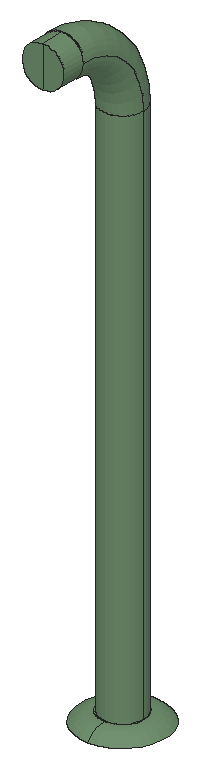
Revit family "PRD_FrankeWS_ShwrFttngsPckg_WallArm_ZFAID0001", category Plumbing Fixtures, host Face, Revit 2018
Family settings
  Host = Face
  Round Connector Dimension = Use Diameter
  Part Type = Normal
  OmniClass Number = 23.45.05.14.99
  OmniClass Title = Other Sanitary Washing Plumbing Fixtures
  Cut with Voids When Loaded = Yes
  Shared = Yes
  Room Calculation Point = No
Parameters (values of type "ZFAID0001")
  WarrantyStartDate [instance] = "1900-12-31T23:59:59"
  WarrantyGuarantorParts = "n/a"
  WarrantyGuarantorLabor = "n/a"
  WarrantyDurationUnit = "year"
  WarrantyDurationParts = "n/a"
  WarrantyDurationLabor = "n/a"
  WarrantyDescription = "n/a"
  Version = "1"
  Uniclass2015Version = "Products v1.17"
  Uniclass2015Title = "Shower fittings package"
  Uniclass2015Code = "Pr_40_20_87_75"
  URL = "www.kwc.com"
  TemperatureRange = 0 °C
  TagNumber [instance] = "n/a"
  SustainabilityPerformance = "n/a"
  Status = "New"
  Size = "55 x 93 x 414 mm (W x H x D)"
  Shape = "n/a"
  SerialNumber [instance] = "n/a"
  Revision = "n/a"
  ReplacementCost = "n/a"
  Reference = "n/a"
  ProductInformation = "https://pim.kwc.com/product/2030018827/attachment/datasheet?locale=en"
  PressureRange = 0.0 Pa
  PressureClass = 0.0 Pa
  NominalWidth = 55.00 mm
  NominalHeight = 93.00 mm
  NominalDepth = 414.00 mm
  NetWeight = 0.55 kg
  Name = "Wall Arm ZFAID0001"
  NBSTypeID = "n/a"
  NBSReference = "45-35-70/330"
  NBSOfficeMasterTag = "n/a"
  NBSNote = "n/a"
  NBSDescription = "Shower fittings package"
  NBSCertification = "n/a"
  ModelReference = "ZFAID0001"
  ModelNumber = "2030018827"
  Model = ModelReference  # "ZFAID0001"
  Material = "brass"
  ManufacturerURL = "www.kwc.com"
  ManufacturerName = "KWC Group AG"  # constant formula
  Manufacturer = ManufacturerName  # "KWC Group AG"
  IntegralAccessories = "n/a"
  InstallationDate [instance] = "1900-12-31T23:59:59"
  IfcExportType = "USERDEFINED"
  IfcExportAs = "IfcPipeFittingType"
  GrossWeight = 0.60 kg
  Grade = "n/a"
  FittingMaterial = PRD_AR_Brass_EPSCoated_Green
  FittingLossFactor = 0
  Finish = "EPS coated"
  Features = "wall bracket with rosette for emergency shower head"
  ExpectedLife = "n/a"
  DurationUnit = "year"
  DiameterNominal = 20.00 mm
  Description = "Wall bracket with rosette for emergency shower head DN 20, green EPS coated brass (RAL 6032)."
  Default Elevation = 925.00 mm
  CreatedOn = "03/2021"  # constant formula
  Constituents = "n/a"
  Color = "green"
  CodePerformance = "n/a"
  Category = "Pr_40_20_87_75, Shower fittings package"
  BarCode [instance] = "n/a"
  BIMObjectName = "PRD_AR_ShowerFittingsPackage_WallArm_ZFAID0001"
  Author = "Archispace"  # constant formula
  AssetType = "Fixed"
  AssetIdentifier [instance] = "n/a"
  AccessibilityPerformance = "n/a"
Reference planes
  plane 1 "Center (Front/Back)": y = 0
  plane 2: z = 0
  plane 3 "Center (Left/Right)": x = 0
Forms (mm)
  Extrusion 1, solid, not visible
    sketch origin (0, 0, 0) x (1, 0, 0) y (0, 1, 0)
      loop
        circle (0, 0) r 2
    from 0 to 1
  Sweep 2, solid, material "PRD_AR_Brass_EPSCoated_Green" <- "FittingMaterial", detail levels medium+fine
    path origin (0, 0, 0) x (0, 1, 0) y (0, 0, 1)
      loop
        line (0, 6) -> (0, 352)
        arc (0, 352) -> (-14.059, 385.941) -> (-48, 400) r 48
    profile origin (0, 0, 179) x (0, -1, 0) y (1, 0, 0)
      loop
        circle (0, 0) r 13.5
  Revolve 3, solid, material "PRD_AR_Brass_EPSCoated_Green" <- "FittingMaterial", detail levels fine
    sketch origin (0, 0, 0) x (0, 1, 0) y (0, 0, 1)
      loop
        line (0, 6) -> (-14.259, 6)
        arc (-14.259, 6) -> (-21.528, 4.43) -> (-27.5, 0) r 17.61
        line (-27.5, 0) -> (0, 0) -> (0, 6)
      axis (0, 6) -> (0, 0)
    angle from 0 to 360
  Revolve 4, solid, material "PRD_AR_Brass_EPSCoated_Green" <- "FittingMaterial", detail levels medium+fine
    sketch origin (0, 0, 0) x (0, 1, 0) y (0, 0, 1)
      loop
        line (-63, 386.8) -> (-48, 386.8) -> (-48, 400) -> (-63, 400) -> (-63, 386.8)
      axis (-48, 400) -> (-63, 400)
    angle from 0 to 360
  Revolve 5, solid, material "PRD_AR_Brass_EPSCoated_Green" <- "FittingMaterial", detail levels medium
    sketch origin (0, 0, 0) x (0, 1, 0) y (0, 0, 1)
      loop
        line (0, 6) -> (-27.5, 6) -> (-27.5, 0) -> (0, 0) -> (0, 6)
      axis (0, 6) -> (0, 0)
    angle from 0 to 360
  Extrusion 6, solid, material "PRD_AR_Brass_EPSCoated_Green" <- "FittingMaterial", detail levels coarse
    sketch origin (0, 0, 0) x (0, 1, 0) y (0, 0, 1)
      loop
        line (13.5, 0) -> (13.5, 420) -> (-63, 420) -> (-63, 0) -> (13.5, 0)
    from -20 to 20
Dimensions and locks
  aligned and locked: plane 2 to host face
  aligned and locked: level to host face
Connectors
  piping at (0, 0, 0), diameter 20, driven by "DiameterNominal"
    settings: on Extrusion 1, index 1, connector inside diameter 609.60 mm, connector length 0.00 mm, flow factor 0, pipe flow 0.0 L/s, pressure drop 0.0 Pa, fitting loss kfactor 0, connector angle 0.00°, fixture units 0, engagement length 0.00 mm, angle of deflection 0.00°, flow configuration 0, flow direction 1, fitting loss method 0, system type 7, joint type 0, gender type 0, connector reference index -1, connector utility 0, adjustable connector no, is connector primary yes, connector description ""
